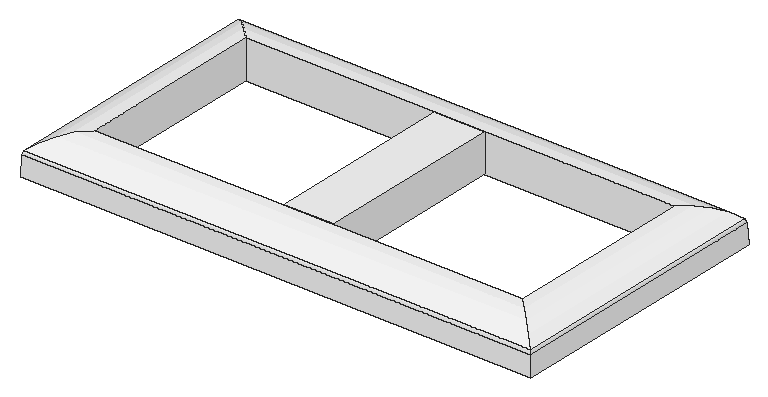
Revit family "Gira_021201", category Electrical Fixtures, host Face, Revit 2017
Family settings
  Host = Face
  Maintain Annotation Orientation = No
  Round Connector Dimension = Use Diameter
  Part Type = Normal
  Cut with Voids When Loaded = No
  Shared = No
  Room Calculation Point = No
Parameters (values of type "Cov.fr. 2-g Standard 55 cr.white")
  With mounting grid = "No"
  With hinged lid = "No"
  URL = "http://katalog.gira.de/en/datenblatt.html?artikelnr=021201"
  Type of fastening = "Clamp mounting"
  Transparent = "No"
  Surface protection = "Other"
  Surface finishing = "Glossy"
  Suitable for wall duct = "No"
  Suitable for flush-mounted installation = "Yes"
  Suitable for floor box = "No"
  Suitable for built-in installation = "No"
  RAL-number (akin) = "1013"
  Number of units vertical = "2"
  Number of units horizontal = "2"
  Number of units = "2"
  Name = "Cov.fr. 2-g Standard 55 cr.white"
  Mounting direction = "Horizontal and vertical"
  Material quality = "Thermoplastic"
  Material = "Plastic"
  Manufacturer URL = "https://www.gira.de/"
  Manufacturer = "Gira"
  Label space/information surface = "No"
  Keynote = ""
  HeinzeBIM = "https://bimportal.heinze.de/bim/cov-fr-2-g-standard-55-cr-white/bd7ff4c28b1fb1f41e85ef106f035fd42c55edf1"
  Halogen free = "Yes"
  HAN = "021201"
  GTIN = "4010337212010"
  Description = "Cov.fr.2g Std55 CW,Gira Standard 55 cover frame,cream white glossy,2-gang,Features:,- Shatter-proof.,,Notes :,- Also suitable for duct installation.,- In connection with the seal kit, frame (1-gang to 5-gang) is also suitable for installation as water-protected flush-mounted IP44."
  Degree of protection (IP) = "IP20"
  Default Elevation = 1219.2 mm
  Data sheet (1) = "https://katalog.gira.de/en/download.html?artikelnr=021201"
  Colour = "Cream white (electro white)"
  Category = "Cover frame for domestic switching devices"
  BIM (1) = "https://media.stage.bim.site/public/gira/36a6b08/Std55_Rahmen_2fach.rfa"
  Available = "No"
Reference planes
  plane 1 "Center (Front/Back)": y = 0
  plane 2: z = 0
  plane 3 "Center (Left/Right)": x = 0
  plane 4: y = -75.9
  plane 5: y = 75.9
  plane 6: x = -40.3
  plane 7: x = 40.3
  plane 8: y = -7.4
  plane 9: y = 7.4
Forms (mm)
  Sweep 1, solid, material "White", detail levels fine
    path origin (0, 0, 0) x (0, -1, 0) y (1, 0, 0)
      loop
        line (40.3, 75.9) -> (-40.3, 75.9) -> (-40.3, -75.9) -> (40.3, -75.9) -> (40.3, 75.9)
    profile origin (75.9, 0, 0) x (-1, 0, 0) y (0, 0, 1)
      loop
        arc (12.22, 11.373) -> (5.983, 10.294) -> (0.641, 6.901) r 16.145
        arc (0.641, 6.901) -> (0.395, 6.426) -> (0.309, 5.898) r 1.694
        line (0.309, 5.898) -> (0, 0) -> (12.319, 0) -> (12.22, 11.373)
  Extrusion 2, solid, material "White", detail levels coarse+medium
    sketch origin (0, 0, 0) x (0, -1, 0) y (1, 0, 0)
      loop
        line (40.3, 75.9) -> (-40.3, 75.9) -> (-40.3, -75.9) -> (40.3, -75.9) -> (40.3, 75.9)
    from 0 to 11.373
  Extrusion 3, solid, material "White", detail levels fine
    sketch origin (0, 0, 0) x (1, 0, 0) y (0, 0, 1)
      loop
        line (7.4, 0) -> (7.4, 11.373) -> (-7.4, 11.373) -> (-7.4, 0) -> (7.4, 0)
    from -28.08 to 28.08
Dimensions and locks
  aligned and locked: plane 2 to host face
  aligned and locked: level to host face
